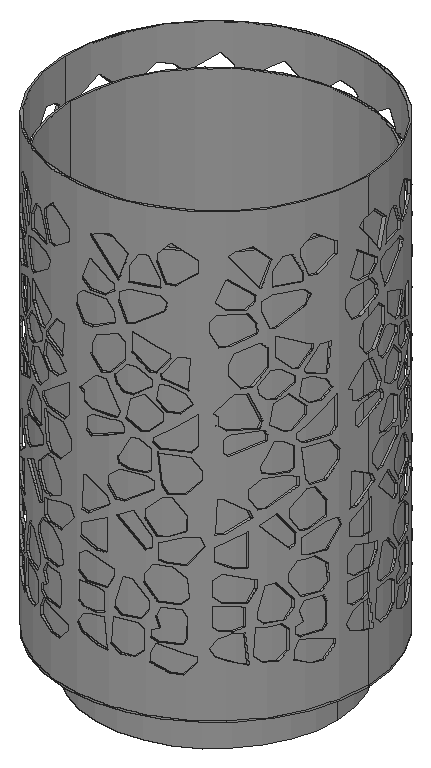
Revit family "Урна «Филигран» Арт 14824", category Антураж, Revit 2018 (continued)
Automatic sketch dimensions
  Extrusion 9 sketch curve to Extrusion 9 sketch curve = 9.318 mm
  Extrusion 9 sketch curve to plane 6 = 206.245 mm
  Extrusion 9 sketch curve to Extrusion 9 sketch curve = 3.834 mm
  level to Extrusion 9 sketch curve = 290.544 mm
  Extrusion 9 sketch curve to Extrusion 9 sketch curve = 4.991 mm
  level to Extrusion 9 sketch curve = 119.52 mm
  Extrusion 9 sketch curve to Extrusion 9 sketch curve = 3.033 mm
  Extrusion 9 sketch curve to Extrusion 9 sketch curve = 8.412 mm
  Extrusion 9 sketch curve to Extrusion 9 sketch curve = 11.911 mm
  Extrusion 9 sketch curve to Extrusion 9 sketch curve = 7.65 mm  (x2)
  Extrusion 9 sketch curve to Extrusion 9 sketch curve = 4.293 mm
  Extrusion 9 sketch curve to Extrusion 9 sketch curve = 11.709 mm
  Extrusion 9 sketch curve to Extrusion 9 sketch curve = 0.819 mm
  Extrusion 9 sketch curve to Extrusion 9 sketch curve = 2.609 mm
  level to Extrusion 9 sketch curve = 157.069 mm
  Extrusion 9 sketch curve to plane 6 = 207.982 mm
  Extrusion 9 sketch curve to Extrusion 9 sketch curve = 5.555 mm
  level to Extrusion 9 sketch curve = 189.187 mm
  Extrusion 9 sketch curve to Extrusion 9 sketch curve = 6.128 mm
  level to Extrusion 9 sketch curve = 121.879 mm
  Extrusion 9 sketch curve to Extrusion 9 sketch curve = 10.218 mm
  Extrusion 9 sketch curve to Extrusion 9 sketch curve = 10.487 mm
  Extrusion 9 sketch curve to plane 6 = 47.04 mm
  Extrusion 9 sketch curve to Extrusion 9 sketch curve = 14.489 mm
  Extrusion 9 sketch curve to Extrusion 9 sketch curve = 5.237 mm
  Extrusion 9 sketch curve to Extrusion 9 sketch curve = 9.063 mm
  Extrusion 9 sketch curve to plane 6 = 167.149 mm
  Extrusion 9 sketch curve to Extrusion 9 sketch curve = 22.47 mm
  Extrusion 9 sketch curve to Extrusion 9 sketch curve = 2.619 mm
  level to Extrusion 9 sketch curve = 156.034 mm
  Extrusion 9 sketch curve to plane 6 = 261.534 mm
  Extrusion 9 sketch curve to Extrusion 9 sketch curve = 23.668 mm
  Extrusion 9 sketch curve to plane 6 = 287.11 mm
  Extrusion 9 sketch curve to Extrusion 9 sketch curve = 1.426 mm
  Extrusion 9 sketch curve to plane 6 = 180.532 mm
  Extrusion 9 sketch curve to Extrusion 9 sketch curve = 4.574 mm
  Extrusion 9 sketch curve to Extrusion 9 sketch curve = 1.848 mm
  Extrusion 9 sketch curve to plane 6 = 52.801 mm
  Extrusion 9 sketch curve to Extrusion 9 sketch curve = 5.761 mm
  Extrusion 9 sketch curve to plane 6 = 78.801 mm
  Extrusion 9 sketch curve to Extrusion 9 sketch curve = 1.466 mm
  level to Extrusion 9 sketch curve = 272.528 mm
  Extrusion 9 sketch curve to Extrusion 9 sketch curve = 18.596 mm
  Extrusion 9 sketch curve to Extrusion 9 sketch curve = 4.575 mm  (x2)
  level to Extrusion 9 sketch curve = 191.538 mm
  Extrusion 9 sketch curve to Extrusion 9 sketch curve = 11.805 mm
  level to Extrusion 9 sketch curve = 227.467 mm
  Extrusion 9 sketch curve to Extrusion 9 sketch curve = 10.054 mm
  Extrusion 9 sketch curve to Extrusion 9 sketch curve = 20.79 mm
  Extrusion 9 sketch curve to Extrusion 9 sketch curve = 8.964 mm
  Extrusion 9 sketch curve to plane 6 = 158.654 mm
  Extrusion 9 sketch curve to Extrusion 9 sketch curve = 9.033 mm
  Extrusion 9 sketch curve to Extrusion 9 sketch curve = 7.689 mm
  level to Extrusion 9 sketch curve = 151.454 mm
  Extrusion 9 sketch curve to Extrusion 9 sketch curve = 0.858 mm
  Extrusion 9 sketch curve to Extrusion 9 sketch curve = 8.252 mm
  Extrusion 9 sketch curve to Extrusion 9 sketch curve = 3.917 mm
  level to Extrusion 9 sketch curve = 129.963 mm
  Extrusion 9 sketch curve to Extrusion 9 sketch curve = 16.557 mm
  level to Extrusion 9 sketch curve = 273.191 mm
  Extrusion 9 sketch curve to Extrusion 9 sketch curve = 7.576 mm
  Extrusion 9 sketch curve to plane 6 = 106.405 mm
  level to Extrusion 9 sketch curve = 240.883 mm
  Extrusion 9 sketch curve to Extrusion 9 sketch curve = 6.759 mm
  Extrusion 9 sketch curve to plane 6 = 236.112 mm
  Extrusion 9 sketch curve to Extrusion 9 sketch curve = 8.195 mm  (x2)
  level to Extrusion 9 sketch curve = 219.272 mm
  level to Extrusion 9 sketch curve = 139.026 mm
  Extrusion 9 sketch curve to Extrusion 9 sketch curve = 7.097 mm
  Extrusion 9 sketch curve to Extrusion 9 sketch curve = 34.828 mm
  Extrusion 9 sketch curve to Extrusion 9 sketch curve = 10.416 mm
  Extrusion 9 sketch curve to Extrusion 9 sketch curve = 7.062 mm
  Extrusion 9 sketch curve to Extrusion 9 sketch curve = 1.37 mm
  Extrusion 9 sketch curve to Extrusion 9 sketch curve = 7.169 mm
  Extrusion 9 sketch curve to Extrusion 9 sketch curve = 7.12 mm
  Extrusion 9 sketch curve to Extrusion 9 sketch curve = 0.554 mm
  Extrusion 9 sketch curve to Extrusion 9 sketch curve = 6.475 mm
  Extrusion 9 sketch curve to Extrusion 9 sketch curve = 5.338 mm
  Extrusion 9 sketch curve to Extrusion 9 sketch curve = 3.946 mm
  Extrusion 9 sketch curve to Extrusion 9 sketch curve = 6.938 mm
  Extrusion 9 sketch curve to Extrusion 9 sketch curve = 5.343 mm
  Extrusion 9 sketch curve to Extrusion 9 sketch curve = 5.238 mm
  Extrusion 9 sketch curve to Extrusion 9 sketch curve = 10.547 mm
  Extrusion 9 sketch curve to Extrusion 9 sketch curve = 15.668 mm
  Extrusion 9 sketch curve to Extrusion 9 sketch curve = 21.141 mm
  Extrusion 9 sketch curve to Extrusion 9 sketch curve = 6.408 mm
  Extrusion 9 sketch curve to Extrusion 9 sketch curve = 9.325 mm
  Extrusion 9 sketch curve to Extrusion 9 sketch curve = 5.207 mm
  Extrusion 9 sketch curve to Extrusion 9 sketch curve = 3.067 mm
  Extrusion 9 sketch curve to Extrusion 9 sketch curve = 6.028 mm
  Extrusion 9 sketch curve to Extrusion 9 sketch curve = 15.909 mm
  Extrusion 9 sketch curve to Extrusion 9 sketch curve = 1.8 mm
  Extrusion 9 sketch curve to Extrusion 9 sketch curve = 5.975 mm
  Extrusion 9 sketch curve to Extrusion 9 sketch curve = 5.996 mm
  Extrusion 9 sketch curve to Extrusion 9 sketch curve = 6.584 mm
  Extrusion 9 sketch curve to Extrusion 9 sketch curve = 9.912 mm
  Extrusion 9 sketch curve to Extrusion 9 sketch curve = 13.31 mm
  Extrusion 9 sketch curve to Extrusion 9 sketch curve = 1.87 mm
  Extrusion 9 sketch curve to Extrusion 9 sketch curve = 6.81 mm
  Extrusion 9 sketch curve to Extrusion 9 sketch curve = 10.378 mm
  Extrusion 9 sketch curve to Extrusion 9 sketch curve = 3.026 mm
  Extrusion 9 sketch curve to Extrusion 9 sketch curve = 12.277 mm
  Extrusion 9 sketch curve to Extrusion 9 sketch curve = 5.217 mm
  Extrusion 9 sketch curve to Extrusion 9 sketch curve = 8.258 mm
  Extrusion 9 sketch curve to Extrusion 9 sketch curve = 9.845 mm
  Extrusion 9 sketch curve to Extrusion 9 sketch curve = 6.924 mm
  Extrusion 9 sketch curve to Extrusion 9 sketch curve = 5 mm  (x2)
  Extrusion 9 sketch curve to Extrusion 9 sketch curve = 6.001 mm
  Extrusion 9 sketch curve to Extrusion 9 sketch curve = 2.452 mm
  Extrusion 9 sketch curve to Extrusion 9 sketch curve = 5.552 mm
  Extrusion 9 sketch curve to Extrusion 9 sketch curve = 9.748 mm
  Extrusion 9 sketch curve to Extrusion 9 sketch curve = 6.592 mm
  Extrusion 9 sketch curve to Extrusion 9 sketch curve = 4.054 mm
  Extrusion 9 sketch curve to Extrusion 9 sketch curve = 9.124 mm
  Extrusion 9 sketch curve to Extrusion 9 sketch curve = 12.1 mm
  Extrusion 9 sketch curve to Extrusion 9 sketch curve = 2.912 mm
  Extrusion 9 sketch curve to Extrusion 9 sketch curve = 4.05 mm
  Extrusion 9 sketch curve to Extrusion 9 sketch curve = 11.595 mm
  Extrusion 9 sketch curve to Extrusion 9 sketch curve = 8.083 mm
  Extrusion 9 sketch curve to Extrusion 9 sketch curve = 17.565 mm
  Extrusion 9 sketch curve to Extrusion 9 sketch curve = 9.249 mm
  Extrusion 9 sketch curve to Extrusion 9 sketch curve = 10.206 mm
  Extrusion 9 sketch curve to Extrusion 9 sketch curve = 4.461 mm
  Extrusion 9 sketch curve to Extrusion 9 sketch curve = 0.23 mm
  Extrusion 9 sketch curve to Extrusion 9 sketch curve = 7.475 mm
  Extrusion 9 sketch curve to Extrusion 9 sketch curve = 8.77 mm
  Extrusion 9 sketch curve to Extrusion 9 sketch curve = 5.016 mm
  Extrusion 9 sketch curve to Extrusion 9 sketch curve = 8.471 mm
  level to Extrusion 10 sketch curve = 258.66 mm
  Extrusion 10 sketch curve to Extrusion 10 sketch curve = 3.475 mm
  Extrusion 10 sketch curve to Extrusion 10 sketch curve = 5.917 mm
  Extrusion 10 sketch curve to plane 6 = 57.671 mm  (x2)
  Extrusion 10 sketch curve to Extrusion 10 sketch curve = 4.003 mm
  Extrusion 10 sketch curve to Extrusion 10 sketch curve = 4.036 mm
  Extrusion 10 sketch curve to Extrusion 10 sketch curve = 8.618 mm
  Extrusion 10 sketch curve to plane 6 = 226.764 mm
  Extrusion 10 sketch curve to Extrusion 10 sketch curve = 4.755 mm
  Extrusion 10 sketch curve to plane 6 = 282.423 mm
  Extrusion 10 sketch curve to Extrusion 10 sketch curve = 7.071 mm  (x3)
  Extrusion 10 sketch curve to Extrusion 10 sketch curve = 2.95 mm
  Extrusion 10 sketch curve to Extrusion 10 sketch curve = 1.479 mm
  level to Extrusion 10 sketch curve = 196.579 mm
  Extrusion 10 sketch curve to Extrusion 10 sketch curve = 16.901 mm
  Extrusion 10 sketch curve to plane 6 = 210.193 mm
  Extrusion 10 sketch curve to Extrusion 10 sketch curve = 5.63 mm
  level to Extrusion 10 sketch curve = 219.818 mm
  Extrusion 10 sketch curve to Extrusion 10 sketch curve = 2.033 mm
  Extrusion 10 sketch curve to Extrusion 10 sketch curve = 0.296 mm
  level to Extrusion 10 sketch curve = 269.335 mm
  Extrusion 10 sketch curve to Extrusion 10 sketch curve = 13.314 mm
  level to Extrusion 10 sketch curve = 293.443 mm
  Extrusion 10 sketch curve to Extrusion 10 sketch curve = 0 mm  (x4)
  level to Extrusion 10 sketch curve = 174.886 mm
  Extrusion 10 sketch curve to Extrusion 10 sketch curve = 2.347 mm
  Extrusion 10 sketch curve to plane 6 = 214.574 mm
  Extrusion 10 sketch curve to Extrusion 10 sketch curve = 3.111 mm
  Extrusion 10 sketch curve to Extrusion 10 sketch curve = 1.921 mm
  level to Extrusion 10 sketch curve = 142.717 mm
  Extrusion 10 sketch curve to Extrusion 10 sketch curve = 3.5 mm
  Extrusion 10 sketch curve to Extrusion 10 sketch curve = 14.142 mm  (x2)
  Extrusion 10 sketch curve to Extrusion 10 sketch curve = 4.226 mm  (x2)
  Extrusion 10 sketch curve to plane 6 = 237.624 mm
  Extrusion 10 sketch curve to Extrusion 10 sketch curve = 13.411 mm
  Extrusion 10 sketch curve to Extrusion 10 sketch curve = 2.555 mm
  Extrusion 10 sketch curve to plane 6 = 171.858 mm
  Extrusion 10 sketch curve to Extrusion 10 sketch curve = 13.402 mm
  Extrusion 10 sketch curve to plane 6 = 88.362 mm
  Extrusion 10 sketch curve to Extrusion 10 sketch curve = 23.515 mm
  Extrusion 10 sketch curve to Extrusion 10 sketch curve = 12.773 mm
  level to Extrusion 10 sketch curve = 232.674 mm
  Extrusion 10 sketch curve to Extrusion 10 sketch curve = 15.025 mm
  Extrusion 10 sketch curve to plane 6 = 39.436 mm
  Extrusion 10 sketch curve to Extrusion 10 sketch curve = 28.08 mm
  Extrusion 10 sketch curve to plane 6 = 174.528 mm
  Extrusion 10 sketch curve to Extrusion 10 sketch curve = 7.66 mm
  Extrusion 10 sketch curve to Extrusion 10 sketch curve = 14.168 mm
  Extrusion 10 sketch curve to plane 6 = 206.419 mm
  Extrusion 10 sketch curve to Extrusion 10 sketch curve = 16.342 mm
  Extrusion 10 sketch curve to plane 6 = 109.299 mm
  Extrusion 10 sketch curve to Extrusion 10 sketch curve = 7.958 mm
  level to Extrusion 10 sketch curve = 266.542 mm
  Extrusion 10 sketch curve to Extrusion 10 sketch curve = 19.741 mm
  level to Extrusion 10 sketch curve = 317.862 mm
  Extrusion 10 sketch curve to Extrusion 10 sketch curve = 5.393 mm
  Extrusion 10 sketch curve to Extrusion 10 sketch curve = 14.055 mm
  level to Extrusion 10 sketch curve = 138.167 mm
  Extrusion 10 sketch curve to Extrusion 10 sketch curve = 17.512 mm
  Extrusion 10 sketch curve to Extrusion 10 sketch curve = 10 mm  (x6)
  Extrusion 10 sketch curve to Extrusion 10 sketch curve = 7.253 mm
  Extrusion 10 sketch curve to plane 6 = 120.866 mm  (x2)
  Extrusion 10 sketch curve to Extrusion 10 sketch curve = 3.536 mm  (x3)
  Extrusion 10 sketch curve to plane 6 = 239.831 mm
  Extrusion 10 sketch curve to Extrusion 10 sketch curve = 3.3 mm
  level to Extrusion 10 sketch curve = 313.668 mm
  Extrusion 10 sketch curve to Extrusion 10 sketch curve = 4.607 mm
  Extrusion 10 sketch curve to plane 6 = 324.159 mm
  Extrusion 10 sketch curve to Extrusion 10 sketch curve = 5.991 mm
  Extrusion 10 sketch curve to plane 6 = 200.187 mm
  Extrusion 10 sketch curve to Extrusion 10 sketch curve = 8.037 mm
  Extrusion 10 sketch curve to plane 6 = 83.398 mm
  Extrusion 10 sketch curve to Extrusion 10 sketch curve = 5.089 mm
  Extrusion 10 sketch curve to plane 6 = 102.168 mm
  level to Extrusion 10 sketch curve = 183.949 mm
  Extrusion 10 sketch curve to Extrusion 10 sketch curve = 20.212 mm
  Extrusion 10 sketch curve to plane 6 = 195.263 mm
  Extrusion 10 sketch curve to Extrusion 10 sketch curve = 0.868 mm
  Extrusion 10 sketch curve to Extrusion 10 sketch curve = 30.879 mm
  level to Extrusion 10 sketch curve = 159.317 mm  (x2)
  Extrusion 10 sketch curve to Extrusion 10 sketch curve = 6.83 mm
  Extrusion 10 sketch curve to Extrusion 10 sketch curve = 3.31 mm
  Extrusion 10 sketch curve to Extrusion 10 sketch curve = 2.209 mm
  Extrusion 10 sketch curve to Extrusion 10 sketch curve = 8.917 mm
  Extrusion 10 sketch curve to Extrusion 10 sketch curve = 3.401 mm
  level to Extrusion 10 sketch curve = 258.265 mm
  Extrusion 10 sketch curve to Extrusion 10 sketch curve = 10.671 mm
  Extrusion 10 sketch curve to Extrusion 10 sketch curve = 0.568 mm
  Extrusion 10 sketch curve to Extrusion 10 sketch curve = 4.256 mm
  Extrusion 10 sketch curve to Extrusion 10 sketch curve = 4.125 mm
  level to Extrusion 10 sketch curve = 140.693 mm
  Extrusion 10 sketch curve to Extrusion 10 sketch curve = 2.024 mm
  Extrusion 10 sketch curve to plane 6 = 225.97 mm
  Extrusion 10 sketch curve to Extrusion 10 sketch curve = 8.354 mm
  level to Extrusion 10 sketch curve = 173.096 mm
  Extrusion 10 sketch curve to Extrusion 10 sketch curve = 5.299 mm
  Extrusion 10 sketch curve to plane 6 = 320.969 mm
  Extrusion 10 sketch curve to Extrusion 10 sketch curve = 6.534 mm
  Extrusion 10 sketch curve to Extrusion 10 sketch curve = 4.612 mm
  Extrusion 10 sketch curve to plane 6 = 210.276 mm
  Extrusion 10 sketch curve to Extrusion 10 sketch curve = 5.606 mm
  Extrusion 10 sketch curve to Extrusion 10 sketch curve = 7.361 mm
  level to Extrusion 10 sketch curve = 252.15 mm
  Extrusion 10 sketch curve to Extrusion 10 sketch curve = 4.705 mm
  Extrusion 10 sketch curve to plane 6 = 283.32 mm
  Extrusion 10 sketch curve to Extrusion 10 sketch curve = 6.429 mm
  Extrusion 10 sketch curve to Extrusion 10 sketch curve = 8.905 mm
  level to Extrusion 10 sketch curve = 177.916 mm
  Extrusion 10 sketch curve to Extrusion 10 sketch curve = 5.74 mm
  level to Extrusion 10 sketch curve = 117.825 mm
  Extrusion 10 sketch curve to Extrusion 10 sketch curve = 20.352 mm
  Extrusion 10 sketch curve to Extrusion 10 sketch curve = 7.109 mm
  Extrusion 10 sketch curve to plane 6 = 264.693 mm  (x2)
  Extrusion 10 sketch curve to Extrusion 10 sketch curve = 3.592 mm  (x2)
  Extrusion 10 sketch curve to Extrusion 10 sketch curve = 8.132 mm
  Extrusion 10 sketch curve to plane 6 = 312.568 mm
  Extrusion 10 sketch curve to Extrusion 10 sketch curve = 5.459 mm
  level to Extrusion 10 sketch curve = 248.381 mm
  Extrusion 10 sketch curve to Extrusion 10 sketch curve = 6.799 mm  (x2)
  Extrusion 10 sketch curve to plane 6 = 220.729 mm
  Extrusion 10 sketch curve to Extrusion 10 sketch curve = 10.749 mm
  Extrusion 10 sketch curve to Extrusion 10 sketch curve = 5.002 mm
  Extrusion 10 sketch curve to Extrusion 10 sketch curve = 8.04 mm
  Extrusion 10 sketch curve to plane 6 = 315.46 mm
  Extrusion 10 sketch curve to Extrusion 10 sketch curve = 2.091 mm
  Extrusion 10 sketch curve to Extrusion 10 sketch curve = 9.117 mm
  Extrusion 10 sketch curve to Extrusion 10 sketch curve = 3.602 mm
  Extrusion 10 sketch curve to Extrusion 10 sketch curve = 8.566 mm
  Extrusion 10 sketch curve to Extrusion 10 sketch curve = 1.279 mm
  level to Extrusion 10 sketch curve = 161.682 mm
  Extrusion 10 sketch curve to Extrusion 10 sketch curve = 3.47 mm
  Extrusion 10 sketch curve to Extrusion 10 sketch curve = 12.786 mm
  level to Extrusion 10 sketch curve = 119.884 mm
  Extrusion 10 sketch curve to Extrusion 10 sketch curve = 9.727 mm
  Extrusion 10 sketch curve to plane 6 = 141.601 mm
  Extrusion 10 sketch curve to Extrusion 10 sketch curve = 31.076 mm
  Extrusion 10 sketch curve to plane 6 = 224.181 mm
  Extrusion 10 sketch curve to Extrusion 10 sketch curve = 11.559 mm
  level to Extrusion 10 sketch curve = 291.877 mm
  Extrusion 10 sketch curve to Extrusion 10 sketch curve = 11.676 mm
  Extrusion 10 sketch curve to Extrusion 10 sketch curve = 11.409 mm
  Extrusion 10 sketch curve to Extrusion 10 sketch curve = 2.481 mm
  Extrusion 10 sketch curve to Extrusion 10 sketch curve = 8.663 mm
  Extrusion 10 sketch curve to plane 6 = 229.884 mm
  Extrusion 10 sketch curve to Extrusion 10 sketch curve = 4.297 mm
  Extrusion 10 sketch curve to Extrusion 10 sketch curve = 15.112 mm
  Extrusion 10 sketch curve to Extrusion 10 sketch curve = 32.388 mm
  Extrusion 10 sketch curve to plane 6 = 74.992 mm
  Extrusion 10 sketch curve to plane 6 = 60.835 mm
  Extrusion 10 sketch curve to Extrusion 10 sketch curve = 10.174 mm
  Extrusion 10 sketch curve to Extrusion 10 sketch curve = 6.951 mm
  Extrusion 10 sketch curve to plane 6 = 253.55 mm
  Extrusion 10 sketch curve to Extrusion 10 sketch curve = 14.787 mm
  Extrusion 10 sketch curve to Extrusion 10 sketch curve = 1.016 mm
  Extrusion 10 sketch curve to Extrusion 10 sketch curve = 1.533 mm
  level to Extrusion 10 sketch curve = 299.941 mm  (x2)
  Extrusion 10 sketch curve to Extrusion 10 sketch curve = 8.716 mm
  Extrusion 10 sketch curve to Extrusion 10 sketch curve = 5.703 mm
  Extrusion 10 sketch curve to Extrusion 10 sketch curve = 10.281 mm
  Extrusion 10 sketch curve to Extrusion 10 sketch curve = 16.53 mm
  Extrusion 10 sketch curve to Extrusion 10 sketch curve = 3.13 mm
  Extrusion 10 sketch curve to plane 6 = 248.305 mm
  Extrusion 10 sketch curve to Extrusion 10 sketch curve = 5.753 mm
  Extrusion 10 sketch curve to Extrusion 10 sketch curve = 15 mm  (x3)
  Extrusion 10 sketch curve to Extrusion 10 sketch curve = 9.888 mm
  Extrusion 10 sketch curve to plane 6 = 308.711 mm
  Extrusion 10 sketch curve to Extrusion 10 sketch curve = 0.709 mm
  Extrusion 10 sketch curve to plane 6 = 94.306 mm
  Extrusion 10 sketch curve to Extrusion 10 sketch curve = 10.408 mm
  Extrusion 10 sketch curve to plane 6 = 108.218 mm
  Extrusion 10 sketch curve to Extrusion 10 sketch curve = 10.479 mm
  Extrusion 10 sketch curve to plane 6 = 156.19 mm
  Extrusion 10 sketch curve to Extrusion 10 sketch curve = 8.092 mm  (x2)
  Extrusion 10 sketch curve to plane 6 = 301.55 mm
  Extrusion 10 sketch curve to Extrusion 10 sketch curve = 0.753 mm
  Extrusion 10 sketch curve to Extrusion 10 sketch curve = 4.108 mm
  Extrusion 10 sketch curve to plane 6 = 217.11 mm
  level to Extrusion 10 sketch curve = 280.985 mm
  Extrusion 10 sketch curve to Extrusion 10 sketch curve = 16.773 mm
  Extrusion 10 sketch curve to plane 6 = 259.047 mm
  Extrusion 10 sketch curve to Extrusion 10 sketch curve = 0.892 mm
  Extrusion 10 sketch curve to plane 6 = 145.27 mm
  Extrusion 10 sketch curve to Extrusion 10 sketch curve = 1.907 mm
  Extrusion 10 sketch curve to Extrusion 10 sketch curve = 8.614 mm
  Extrusion 10 sketch curve to plane 6 = 133.343 mm
  Extrusion 10 sketch curve to Extrusion 10 sketch curve = 1.043 mm
  Extrusion 10 sketch curve to Extrusion 10 sketch curve = 7.325 mm
  Extrusion 10 sketch curve to Extrusion 10 sketch curve = 6.503 mm  (x2)
  Extrusion 10 sketch curve to plane 6 = 207.262 mm
  Extrusion 10 sketch curve to Extrusion 10 sketch curve = 1.736 mm
  Extrusion 10 sketch curve to Extrusion 10 sketch curve = 4.183 mm
  Extrusion 10 sketch curve to Extrusion 10 sketch curve = 8.47 mm
  Extrusion 10 sketch curve to plane 6 = 43.158 mm
  Extrusion 10 sketch curve to Extrusion 10 sketch curve = 17.678 mm  (x2)
  level to Extrusion 10 sketch curve = 129.202 mm
  Extrusion 10 sketch curve to Extrusion 10 sketch curve = 9.318 mm
  Extrusion 10 sketch curve to plane 6 = 206.245 mm
  Extrusion 10 sketch curve to Extrusion 10 sketch curve = 3.834 mm
  level to Extrusion 10 sketch curve = 290.544 mm
  Extrusion 10 sketch curve to Extrusion 10 sketch curve = 4.991 mm
  level to Extrusion 10 sketch curve = 119.52 mm
  Extrusion 10 sketch curve to Extrusion 10 sketch curve = 3.033 mm
  Extrusion 10 sketch curve to Extrusion 10 sketch curve = 8.412 mm
  Extrusion 10 sketch curve to Extrusion 10 sketch curve = 11.911 mm
  Extrusion 10 sketch curve to Extrusion 10 sketch curve = 7.65 mm  (x2)
  Extrusion 10 sketch curve to Extrusion 10 sketch curve = 4.293 mm
  Extrusion 10 sketch curve to Extrusion 10 sketch curve = 11.709 mm
  Extrusion 10 sketch curve to Extrusion 10 sketch curve = 0.819 mm
  Extrusion 10 sketch curve to Extrusion 10 sketch curve = 2.609 mm
  level to Extrusion 10 sketch curve = 157.069 mm
  Extrusion 10 sketch curve to plane 6 = 207.982 mm
  Extrusion 10 sketch curve to Extrusion 10 sketch curve = 5.555 mm
  level to Extrusion 10 sketch curve = 189.187 mm
  Extrusion 10 sketch curve to Extrusion 10 sketch curve = 6.128 mm
  level to Extrusion 10 sketch curve = 121.879 mm
  Extrusion 10 sketch curve to Extrusion 10 sketch curve = 10.218 mm
  Extrusion 10 sketch curve to Extrusion 10 sketch curve = 10.487 mm
  Extrusion 10 sketch curve to plane 6 = 47.04 mm
  Extrusion 10 sketch curve to Extrusion 10 sketch curve = 14.489 mm
  Extrusion 10 sketch curve to Extrusion 10 sketch curve = 5.237 mm
  Extrusion 10 sketch curve to Extrusion 10 sketch curve = 9.063 mm
  Extrusion 10 sketch curve to plane 6 = 167.149 mm
  Extrusion 10 sketch curve to Extrusion 10 sketch curve = 22.47 mm
  Extrusion 10 sketch curve to Extrusion 10 sketch curve = 2.619 mm
  level to Extrusion 10 sketch curve = 156.034 mm
  Extrusion 10 sketch curve to plane 6 = 261.534 mm
  Extrusion 10 sketch curve to Extrusion 10 sketch curve = 23.668 mm
  Extrusion 10 sketch curve to plane 6 = 287.11 mm
  Extrusion 10 sketch curve to Extrusion 10 sketch curve = 1.426 mm
  Extrusion 10 sketch curve to plane 6 = 180.532 mm
  Extrusion 10 sketch curve to Extrusion 10 sketch curve = 4.574 mm
  Extrusion 10 sketch curve to Extrusion 10 sketch curve = 1.848 mm
  Extrusion 10 sketch curve to plane 6 = 52.801 mm
  Extrusion 10 sketch curve to Extrusion 10 sketch curve = 5.761 mm
  Extrusion 10 sketch curve to plane 6 = 78.801 mm
  Extrusion 10 sketch curve to Extrusion 10 sketch curve = 1.466 mm
  level to Extrusion 10 sketch curve = 272.528 mm
  Extrusion 10 sketch curve to Extrusion 10 sketch curve = 18.596 mm
  Extrusion 10 sketch curve to Extrusion 10 sketch curve = 4.575 mm  (x2)
  level to Extrusion 10 sketch curve = 191.538 mm
  Extrusion 10 sketch curve to Extrusion 10 sketch curve = 11.805 mm
  level to Extrusion 10 sketch curve = 227.467 mm
  Extrusion 10 sketch curve to Extrusion 10 sketch curve = 10.054 mm
  Extrusion 10 sketch curve to Extrusion 10 sketch curve = 20.79 mm
  Extrusion 10 sketch curve to Extrusion 10 sketch curve = 8.964 mm
  Extrusion 10 sketch curve to plane 6 = 158.654 mm
  Extrusion 10 sketch curve to Extrusion 10 sketch curve = 9.033 mm
  Extrusion 10 sketch curve to Extrusion 10 sketch curve = 7.689 mm
  level to Extrusion 10 sketch curve = 151.454 mm
  Extrusion 10 sketch curve to Extrusion 10 sketch curve = 0.858 mm
  Extrusion 10 sketch curve to Extrusion 10 sketch curve = 8.252 mm
  Extrusion 10 sketch curve to Extrusion 10 sketch curve = 3.917 mm
  level to Extrusion 10 sketch curve = 129.963 mm
  Extrusion 10 sketch curve to Extrusion 10 sketch curve = 16.557 mm
  level to Extrusion 10 sketch curve = 273.191 mm
  Extrusion 10 sketch curve to Extrusion 10 sketch curve = 7.576 mm
  Extrusion 10 sketch curve to plane 6 = 106.405 mm
  level to Extrusion 10 sketch curve = 240.883 mm
  Extrusion 10 sketch curve to Extrusion 10 sketch curve = 6.759 mm
  Extrusion 10 sketch curve to plane 6 = 236.112 mm
  Extrusion 10 sketch curve to Extrusion 10 sketch curve = 8.195 mm  (x2)
  level to Extrusion 10 sketch curve = 219.272 mm
  level to Extrusion 10 sketch curve = 139.026 mm
  Extrusion 10 sketch curve to Extrusion 10 sketch curve = 7.097 mm
  Extrusion 10 sketch curve to Extrusion 10 sketch curve = 34.828 mm
  Extrusion 10 sketch curve to Extrusion 10 sketch curve = 10.416 mm
  Extrusion 10 sketch curve to Extrusion 10 sketch curve = 7.062 mm
  Extrusion 10 sketch curve to Extrusion 10 sketch curve = 1.37 mm
  Extrusion 10 sketch curve to Extrusion 10 sketch curve = 7.169 mm
  Extrusion 10 sketch curve to Extrusion 10 sketch curve = 7.12 mm
  Extrusion 10 sketch curve to Extrusion 10 sketch curve = 0.554 mm
  Extrusion 10 sketch curve to Extrusion 10 sketch curve = 6.475 mm
  Extrusion 10 sketch curve to Extrusion 10 sketch curve = 5.338 mm
  Extrusion 10 sketch curve to Extrusion 10 sketch curve = 3.946 mm
  Extrusion 10 sketch curve to Extrusion 10 sketch curve = 6.938 mm
  Extrusion 10 sketch curve to Extrusion 10 sketch curve = 5.343 mm
  Extrusion 10 sketch curve to Extrusion 10 sketch curve = 5.238 mm
  Extrusion 10 sketch curve to Extrusion 10 sketch curve = 10.547 mm
  Extrusion 10 sketch curve to Extrusion 10 sketch curve = 15.668 mm
  Extrusion 10 sketch curve to Extrusion 10 sketch curve = 21.141 mm
  Extrusion 10 sketch curve to Extrusion 10 sketch curve = 6.408 mm
  Extrusion 10 sketch curve to Extrusion 10 sketch curve = 9.325 mm
  Extrusion 10 sketch curve to Extrusion 10 sketch curve = 5.207 mm
  Extrusion 10 sketch curve to Extrusion 10 sketch curve = 3.067 mm
  Extrusion 10 sketch curve to Extrusion 10 sketch curve = 6.028 mm
  Extrusion 10 sketch curve to Extrusion 10 sketch curve = 15.909 mm
  Extrusion 10 sketch curve to Extrusion 10 sketch curve = 1.8 mm
  Extrusion 10 sketch curve to Extrusion 10 sketch curve = 5.975 mm
  Extrusion 10 sketch curve to Extrusion 10 sketch curve = 5.996 mm
  Extrusion 10 sketch curve to Extrusion 10 sketch curve = 6.584 mm
  Extrusion 10 sketch curve to Extrusion 10 sketch curve = 9.912 mm
  Extrusion 10 sketch curve to Extrusion 10 sketch curve = 13.31 mm
  Extrusion 10 sketch curve to Extrusion 10 sketch curve = 1.87 mm
  Extrusion 10 sketch curve to Extrusion 10 sketch curve = 6.81 mm
  Extrusion 10 sketch curve to Extrusion 10 sketch curve = 10.378 mm
  Extrusion 10 sketch curve to Extrusion 10 sketch curve = 3.026 mm
  Extrusion 10 sketch curve to Extrusion 10 sketch curve = 12.277 mm
  Extrusion 10 sketch curve to Extrusion 10 sketch curve = 5.217 mm
  Extrusion 10 sketch curve to Extrusion 10 sketch curve = 8.258 mm
  Extrusion 10 sketch curve to Extrusion 10 sketch curve = 9.845 mm
  Extrusion 10 sketch curve to Extrusion 10 sketch curve = 6.924 mm
  Extrusion 10 sketch curve to Extrusion 10 sketch curve = 5 mm  (x2)
  Extrusion 10 sketch curve to Extrusion 10 sketch curve = 6.001 mm
  Extrusion 10 sketch curve to Extrusion 10 sketch curve = 2.452 mm
  Extrusion 10 sketch curve to Extrusion 10 sketch curve = 5.552 mm
  Extrusion 10 sketch curve to Extrusion 10 sketch curve = 9.748 mm
  Extrusion 10 sketch curve to Extrusion 10 sketch curve = 6.592 mm
  Extrusion 10 sketch curve to Extrusion 10 sketch curve = 4.054 mm
  Extrusion 10 sketch curve to Extrusion 10 sketch curve = 9.124 mm
  Extrusion 10 sketch curve to Extrusion 10 sketch curve = 12.1 mm
  Extrusion 10 sketch curve to Extrusion 10 sketch curve = 2.912 mm
  Extrusion 10 sketch curve to Extrusion 10 sketch curve = 4.05 mm
  Extrusion 10 sketch curve to Extrusion 10 sketch curve = 11.595 mm
  Extrusion 10 sketch curve to Extrusion 10 sketch curve = 8.083 mm
  Extrusion 10 sketch curve to Extrusion 10 sketch curve = 17.565 mm
  Extrusion 10 sketch curve to Extrusion 10 sketch curve = 9.249 mm
  Extrusion 10 sketch curve to Extrusion 10 sketch curve = 10.206 mm
  Extrusion 10 sketch curve to Extrusion 10 sketch curve = 4.461 mm
  Extrusion 10 sketch curve to Extrusion 10 sketch curve = 0.23 mm
  Extrusion 10 sketch curve to Extrusion 10 sketch curve = 7.475 mm
  Extrusion 10 sketch curve to Extrusion 10 sketch curve = 8.77 mm
  Extrusion 10 sketch curve to Extrusion 10 sketch curve = 5.016 mm
  Extrusion 10 sketch curve to Extrusion 10 sketch curve = 8.471 mm
  level to Extrusion 11 sketch curve = 258.66 mm
  Extrusion 11 sketch curve to Extrusion 11 sketch curve = 3.475 mm
  Extrusion 11 sketch curve to Extrusion 11 sketch curve = 5.917 mm
  Extrusion 11 sketch curve to plane 6 = 57.671 mm  (x2)
  Extrusion 11 sketch curve to Extrusion 11 sketch curve = 4.003 mm
  Extrusion 11 sketch curve to Extrusion 11 sketch curve = 4.036 mm
  Extrusion 11 sketch curve to Extrusion 11 sketch curve = 8.618 mm
  Extrusion 11 sketch curve to plane 6 = 226.764 mm
  Extrusion 11 sketch curve to Extrusion 11 sketch curve = 4.755 mm
  Extrusion 11 sketch curve to plane 6 = 282.423 mm
  Extrusion 11 sketch curve to Extrusion 11 sketch curve = 7.071 mm  (x3)
  Extrusion 11 sketch curve to Extrusion 11 sketch curve = 2.95 mm
  Extrusion 11 sketch curve to Extrusion 11 sketch curve = 1.479 mm
  level to Extrusion 11 sketch curve = 196.579 mm
  Extrusion 11 sketch curve to Extrusion 11 sketch curve = 16.901 mm
  Extrusion 11 sketch curve to plane 6 = 210.193 mm
  Extrusion 11 sketch curve to Extrusion 11 sketch curve = 5.63 mm
  level to Extrusion 11 sketch curve = 219.818 mm
  Extrusion 11 sketch curve to Extrusion 11 sketch curve = 2.033 mm
  Extrusion 11 sketch curve to Extrusion 11 sketch curve = 0.296 mm
  level to Extrusion 11 sketch curve = 269.335 mm
  Extrusion 11 sketch curve to Extrusion 11 sketch curve = 13.314 mm
  level to Extrusion 11 sketch curve = 293.443 mm
  Extrusion 11 sketch curve to Extrusion 11 sketch curve = 0 mm  (x4)
  level to Extrusion 11 sketch curve = 174.886 mm
  Extrusion 11 sketch curve to Extrusion 11 sketch curve = 2.347 mm
  Extrusion 11 sketch curve to plane 6 = 214.574 mm
  Extrusion 11 sketch curve to Extrusion 11 sketch curve = 3.111 mm
  Extrusion 11 sketch curve to Extrusion 11 sketch curve = 1.921 mm
  level to Extrusion 11 sketch curve = 142.717 mm
  Extrusion 11 sketch curve to Extrusion 11 sketch curve = 3.5 mm
  Extrusion 11 sketch curve to Extrusion 11 sketch curve = 14.142 mm  (x2)
  Extrusion 11 sketch curve to Extrusion 11 sketch curve = 4.226 mm  (x2)
  Extrusion 11 sketch curve to plane 6 = 237.624 mm
  Extrusion 11 sketch curve to Extrusion 11 sketch curve = 13.411 mm
  Extrusion 11 sketch curve to Extrusion 11 sketch curve = 2.555 mm
  Extrusion 11 sketch curve to plane 6 = 171.858 mm
  Extrusion 11 sketch curve to Extrusion 11 sketch curve = 13.402 mm
  Extrusion 11 sketch curve to plane 6 = 88.362 mm
  Extrusion 11 sketch curve to Extrusion 11 sketch curve = 23.515 mm
  Extrusion 11 sketch curve to Extrusion 11 sketch curve = 12.773 mm
  level to Extrusion 11 sketch curve = 232.674 mm
  Extrusion 11 sketch curve to Extrusion 11 sketch curve = 15.025 mm
  Extrusion 11 sketch curve to plane 6 = 39.436 mm
  Extrusion 11 sketch curve to Extrusion 11 sketch curve = 28.08 mm
  Extrusion 11 sketch curve to plane 6 = 174.528 mm
  Extrusion 11 sketch curve to Extrusion 11 sketch curve = 7.66 mm
  Extrusion 11 sketch curve to Extrusion 11 sketch curve = 14.168 mm
  Extrusion 11 sketch curve to plane 6 = 206.419 mm
  Extrusion 11 sketch curve to Extrusion 11 sketch curve = 16.342 mm
  Extrusion 11 sketch curve to plane 6 = 109.299 mm
  Extrusion 11 sketch curve to Extrusion 11 sketch curve = 7.958 mm
  level to Extrusion 11 sketch curve = 266.542 mm
  Extrusion 11 sketch curve to Extrusion 11 sketch curve = 19.741 mm
  level to Extrusion 11 sketch curve = 317.862 mm
  Extrusion 11 sketch curve to Extrusion 11 sketch curve = 5.393 mm
  Extrusion 11 sketch curve to Extrusion 11 sketch curve = 14.055 mm
  level to Extrusion 11 sketch curve = 138.167 mm
  Extrusion 11 sketch curve to Extrusion 11 sketch curve = 17.512 mm
  Extrusion 11 sketch curve to Extrusion 11 sketch curve = 10 mm  (x6)
  Extrusion 11 sketch curve to Extrusion 11 sketch curve = 7.253 mm
  Extrusion 11 sketch curve to plane 6 = 120.866 mm  (x2)
  Extrusion 11 sketch curve to Extrusion 11 sketch curve = 3.536 mm  (x3)
  Extrusion 11 sketch curve to plane 6 = 239.831 mm
  Extrusion 11 sketch curve to Extrusion 11 sketch curve = 3.3 mm
  level to Extrusion 11 sketch curve = 313.668 mm
  Extrusion 11 sketch curve to Extrusion 11 sketch curve = 4.607 mm
  Extrusion 11 sketch curve to plane 6 = 324.159 mm
  Extrusion 11 sketch curve to Extrusion 11 sketch curve = 5.991 mm
  Extrusion 11 sketch curve to plane 6 = 200.187 mm
  Extrusion 11 sketch curve to Extrusion 11 sketch curve = 8.037 mm
  Extrusion 11 sketch curve to plane 6 = 83.398 mm
  Extrusion 11 sketch curve to Extrusion 11 sketch curve = 5.089 mm
  Extrusion 11 sketch curve to plane 6 = 102.168 mm
  level to Extrusion 11 sketch curve = 183.949 mm
  Extrusion 11 sketch curve to Extrusion 11 sketch curve = 20.212 mm
  Extrusion 11 sketch curve to plane 6 = 195.263 mm
  Extrusion 11 sketch curve to Extrusion 11 sketch curve = 0.868 mm
  Extrusion 11 sketch curve to Extrusion 11 sketch curve = 30.879 mm
  level to Extrusion 11 sketch curve = 159.317 mm  (x2)
  Extrusion 11 sketch curve to Extrusion 11 sketch curve = 6.83 mm
  Extrusion 11 sketch curve to Extrusion 11 sketch curve = 3.31 mm
  Extrusion 11 sketch curve to Extrusion 11 sketch curve = 2.209 mm
  Extrusion 11 sketch curve to Extrusion 11 sketch curve = 8.917 mm
  Extrusion 11 sketch curve to Extrusion 11 sketch curve = 3.401 mm
  level to Extrusion 11 sketch curve = 258.265 mm
  Extrusion 11 sketch curve to Extrusion 11 sketch curve = 10.671 mm
  Extrusion 11 sketch curve to Extrusion 11 sketch curve = 0.568 mm
  Extrusion 11 sketch curve to Extrusion 11 sketch curve = 4.256 mm
  Extrusion 11 sketch curve to Extrusion 11 sketch curve = 4.125 mm
  level to Extrusion 11 sketch curve = 140.693 mm
  Extrusion 11 sketch curve to Extrusion 11 sketch curve = 2.024 mm
  Extrusion 11 sketch curve to plane 6 = 225.97 mm
  Extrusion 11 sketch curve to Extrusion 11 sketch curve = 8.354 mm
  level to Extrusion 11 sketch curve = 173.096 mm
  Extrusion 11 sketch curve to Extrusion 11 sketch curve = 5.299 mm
  Extrusion 11 sketch curve to plane 6 = 320.969 mm
  Extrusion 11 sketch curve to Extrusion 11 sketch curve = 6.534 mm
  Extrusion 11 sketch curve to Extrusion 11 sketch curve = 4.612 mm
  Extrusion 11 sketch curve to plane 6 = 210.276 mm
  Extrusion 11 sketch curve to Extrusion 11 sketch curve = 5.606 mm
  Extrusion 11 sketch curve to Extrusion 11 sketch curve = 7.361 mm
  level to Extrusion 11 sketch curve = 252.15 mm
  Extrusion 11 sketch curve to Extrusion 11 sketch curve = 4.705 mm
  Extrusion 11 sketch curve to plane 6 = 283.32 mm
  Extrusion 11 sketch curve to Extrusion 11 sketch curve = 6.429 mm
  Extrusion 11 sketch curve to Extrusion 11 sketch curve = 8.905 mm
  level to Extrusion 11 sketch curve = 177.916 mm
  Extrusion 11 sketch curve to Extrusion 11 sketch curve = 5.74 mm
  level to Extrusion 11 sketch curve = 117.825 mm
  Extrusion 11 sketch curve to Extrusion 11 sketch curve = 20.352 mm
  Extrusion 11 sketch curve to Extrusion 11 sketch curve = 7.109 mm
  Extrusion 11 sketch curve to plane 6 = 264.693 mm  (x2)
  Extrusion 11 sketch curve to Extrusion 11 sketch curve = 3.592 mm  (x2)
  Extrusion 11 sketch curve to Extrusion 11 sketch curve = 8.132 mm
  Extrusion 11 sketch curve to plane 6 = 312.568 mm
  Extrusion 11 sketch curve to Extrusion 11 sketch curve = 5.459 mm
  level to Extrusion 11 sketch curve = 248.381 mm
  Extrusion 11 sketch curve to Extrusion 11 sketch curve = 6.799 mm  (x2)
  Extrusion 11 sketch curve to plane 6 = 220.729 mm
  Extrusion 11 sketch curve to Extrusion 11 sketch curve = 10.749 mm
  Extrusion 11 sketch curve to Extrusion 11 sketch curve = 5.002 mm
  Extrusion 11 sketch curve to Extrusion 11 sketch curve = 8.04 mm
  Extrusion 11 sketch curve to plane 6 = 315.46 mm
  Extrusion 11 sketch curve to Extrusion 11 sketch curve = 2.091 mm
  Extrusion 11 sketch curve to Extrusion 11 sketch curve = 9.117 mm
  Extrusion 11 sketch curve to Extrusion 11 sketch curve = 3.602 mm
  Extrusion 11 sketch curve to Extrusion 11 sketch curve = 8.566 mm
  Extrusion 11 sketch curve to Extrusion 11 sketch curve = 1.279 mm
  level to Extrusion 11 sketch curve = 161.682 mm
  Extrusion 11 sketch curve to Extrusion 11 sketch curve = 3.47 mm
  Extrusion 11 sketch curve to Extrusion 11 sketch curve = 12.786 mm
  level to Extrusion 11 sketch curve = 119.884 mm
  Extrusion 11 sketch curve to Extrusion 11 sketch curve = 9.727 mm
  Extrusion 11 sketch curve to plane 6 = 141.601 mm
  Extrusion 11 sketch curve to Extrusion 11 sketch curve = 31.076 mm
  Extrusion 11 sketch curve to plane 6 = 224.181 mm
  Extrusion 11 sketch curve to Extrusion 11 sketch curve = 11.559 mm
  level to Extrusion 11 sketch curve = 291.877 mm
  Extrusion 11 sketch curve to Extrusion 11 sketch curve = 11.676 mm
  Extrusion 11 sketch curve to Extrusion 11 sketch curve = 11.409 mm
  Extrusion 11 sketch curve to Extrusion 11 sketch curve = 2.481 mm
  Extrusion 11 sketch curve to Extrusion 11 sketch curve = 8.663 mm
  Extrusion 11 sketch curve to plane 6 = 229.884 mm
  Extrusion 11 sketch curve to Extrusion 11 sketch curve = 4.297 mm
  Extrusion 11 sketch curve to Extrusion 11 sketch curve = 15.112 mm
  Extrusion 11 sketch curve to Extrusion 11 sketch curve = 32.388 mm
  Extrusion 11 sketch curve to plane 6 = 74.992 mm
  Extrusion 11 sketch curve to plane 6 = 60.835 mm
  Extrusion 11 sketch curve to Extrusion 11 sketch curve = 10.174 mm
  Extrusion 11 sketch curve to Extrusion 11 sketch curve = 6.951 mm
  Extrusion 11 sketch curve to plane 6 = 253.55 mm
  Extrusion 11 sketch curve to Extrusion 11 sketch curve = 14.787 mm
  Extrusion 11 sketch curve to Extrusion 11 sketch curve = 1.016 mm
  Extrusion 11 sketch curve to Extrusion 11 sketch curve = 1.533 mm
  level to Extrusion 11 sketch curve = 299.941 mm  (x2)
  Extrusion 11 sketch curve to Extrusion 11 sketch curve = 8.716 mm
  Extrusion 11 sketch curve to Extrusion 11 sketch curve = 5.703 mm
  Extrusion 11 sketch curve to Extrusion 11 sketch curve = 10.281 mm
  Extrusion 11 sketch curve to Extrusion 11 sketch curve = 16.53 mm
  Extrusion 11 sketch curve to Extrusion 11 sketch curve = 3.13 mm
  Extrusion 11 sketch curve to plane 6 = 248.305 mm
  Extrusion 11 sketch curve to Extrusion 11 sketch curve = 5.753 mm
  Extrusion 11 sketch curve to Extrusion 11 sketch curve = 15 mm  (x3)
  Extrusion 11 sketch curve to Extrusion 11 sketch curve = 9.888 mm
  Extrusion 11 sketch curve to plane 6 = 308.711 mm
  Extrusion 11 sketch curve to Extrusion 11 sketch curve = 0.709 mm
  Extrusion 11 sketch curve to plane 6 = 94.306 mm
  Extrusion 11 sketch curve to Extrusion 11 sketch curve = 10.408 mm
  Extrusion 11 sketch curve to plane 6 = 108.218 mm
  Extrusion 11 sketch curve to Extrusion 11 sketch curve = 10.479 mm
  Extrusion 11 sketch curve to plane 6 = 156.19 mm
  Extrusion 11 sketch curve to Extrusion 11 sketch curve = 8.092 mm  (x2)
  Extrusion 11 sketch curve to plane 6 = 301.55 mm
  Extrusion 11 sketch curve to Extrusion 11 sketch curve = 0.753 mm
  Extrusion 11 sketch curve to Extrusion 11 sketch curve = 4.108 mm
  Extrusion 11 sketch curve to plane 6 = 217.11 mm
  level to Extrusion 11 sketch curve = 280.985 mm
  Extrusion 11 sketch curve to Extrusion 11 sketch curve = 16.773 mm
  Extrusion 11 sketch curve to plane 6 = 259.047 mm
  Extrusion 11 sketch curve to Extrusion 11 sketch curve = 0.892 mm
  Extrusion 11 sketch curve to plane 6 = 145.27 mm
  Extrusion 11 sketch curve to Extrusion 11 sketch curve = 1.907 mm
  Extrusion 11 sketch curve to Extrusion 11 sketch curve = 8.614 mm
  Extrusion 11 sketch curve to plane 6 = 133.343 mm
  Extrusion 11 sketch curve to Extrusion 11 sketch curve = 1.043 mm
  Extrusion 11 sketch curve to Extrusion 11 sketch curve = 7.325 mm
  Extrusion 11 sketch curve to Extrusion 11 sketch curve = 6.503 mm  (x2)
  Extrusion 11 sketch curve to plane 6 = 207.262 mm
  Extrusion 11 sketch curve to Extrusion 11 sketch curve = 1.736 mm
  Extrusion 11 sketch curve to Extrusion 11 sketch curve = 4.183 mm
  Extrusion 11 sketch curve to Extrusion 11 sketch curve = 8.47 mm
  Extrusion 11 sketch curve to plane 6 = 43.158 mm
  Extrusion 11 sketch curve to Extrusion 11 sketch curve = 17.678 mm  (x2)
  level to Extrusion 11 sketch curve = 129.202 mm
  Extrusion 11 sketch curve to Extrusion 11 sketch curve = 9.318 mm
  Extrusion 11 sketch curve to plane 6 = 206.245 mm
  Extrusion 11 sketch curve to Extrusion 11 sketch curve = 3.834 mm
  level to Extrusion 11 sketch curve = 290.544 mm
  Extrusion 11 sketch curve to Extrusion 11 sketch curve = 4.991 mm
  level to Extrusion 11 sketch curve = 119.52 mm
  Extrusion 11 sketch curve to Extrusion 11 sketch curve = 3.033 mm
  Extrusion 11 sketch curve to Extrusion 11 sketch curve = 8.412 mm
  Extrusion 11 sketch curve to Extrusion 11 sketch curve = 11.911 mm
  Extrusion 11 sketch curve to Extrusion 11 sketch curve = 7.65 mm  (x2)
  Extrusion 11 sketch curve to Extrusion 11 sketch curve = 4.293 mm
  Extrusion 11 sketch curve to Extrusion 11 sketch curve = 11.709 mm
  Extrusion 11 sketch curve to Extrusion 11 sketch curve = 0.819 mm
  Extrusion 11 sketch curve to Extrusion 11 sketch curve = 2.609 mm
  level to Extrusion 11 sketch curve = 157.069 mm
  Extrusion 11 sketch curve to plane 6 = 207.982 mm
  Extrusion 11 sketch curve to Extrusion 11 sketch curve = 5.555 mm
  level to Extrusion 11 sketch curve = 189.187 mm
  Extrusion 11 sketch curve to Extrusion 11 sketch curve = 6.128 mm
  level to Extrusion 11 sketch curve = 121.879 mm
  Extrusion 11 sketch curve to Extrusion 11 sketch curve = 10.218 mm
  Extrusion 11 sketch curve to Extrusion 11 sketch curve = 10.487 mm
  Extrusion 11 sketch curve to plane 6 = 47.04 mm
  Extrusion 11 sketch curve to Extrusion 11 sketch curve = 14.489 mm
  Extrusion 11 sketch curve to Extrusion 11 sketch curve = 5.237 mm
  Extrusion 11 sketch curve to Extrusion 11 sketch curve = 9.063 mm
  Extrusion 11 sketch curve to plane 6 = 167.149 mm
  Extrusion 11 sketch curve to Extrusion 11 sketch curve = 22.47 mm
  Extrusion 11 sketch curve to Extrusion 11 sketch curve = 2.619 mm
  level to Extrusion 11 sketch curve = 156.034 mm
  Extrusion 11 sketch curve to plane 6 = 261.534 mm
  Extrusion 11 sketch curve to Extrusion 11 sketch curve = 23.668 mm
  Extrusion 11 sketch curve to plane 6 = 287.11 mm
  Extrusion 11 sketch curve to Extrusion 11 sketch curve = 1.426 mm
  Extrusion 11 sketch curve to plane 6 = 180.532 mm
  Extrusion 11 sketch curve to Extrusion 11 sketch curve = 4.574 mm
  Extrusion 11 sketch curve to Extrusion 11 sketch curve = 1.848 mm
  Extrusion 11 sketch curve to plane 6 = 52.801 mm
  Extrusion 11 sketch curve to Extrusion 11 sketch curve = 5.761 mm
  Extrusion 11 sketch curve to plane 6 = 78.801 mm
  Extrusion 11 sketch curve to Extrusion 11 sketch curve = 1.466 mm
  level to Extrusion 11 sketch curve = 272.528 mm
  Extrusion 11 sketch curve to Extrusion 11 sketch curve = 18.596 mm
  Extrusion 11 sketch curve to Extrusion 11 sketch curve = 4.575 mm  (x2)
  level to Extrusion 11 sketch curve = 191.538 mm
  Extrusion 11 sketch curve to Extrusion 11 sketch curve = 11.805 mm
  level to Extrusion 11 sketch curve = 227.467 mm
  Extrusion 11 sketch curve to Extrusion 11 sketch curve = 10.054 mm
  Extrusion 11 sketch curve to Extrusion 11 sketch curve = 20.79 mm
  Extrusion 11 sketch curve to Extrusion 11 sketch curve = 8.964 mm
  Extrusion 11 sketch curve to plane 6 = 158.654 mm
  Extrusion 11 sketch curve to Extrusion 11 sketch curve = 9.033 mm
  Extrusion 11 sketch curve to Extrusion 11 sketch curve = 7.689 mm
  level to Extrusion 11 sketch curve = 151.454 mm
  Extrusion 11 sketch curve to Extrusion 11 sketch curve = 0.858 mm
  Extrusion 11 sketch curve to Extrusion 11 sketch curve = 8.252 mm
  Extrusion 11 sketch curve to Extrusion 11 sketch curve = 3.917 mm
  level to Extrusion 11 sketch curve = 129.963 mm
  Extrusion 11 sketch curve to Extrusion 11 sketch curve = 16.557 mm
  level to Extrusion 11 sketch curve = 273.191 mm
  Extrusion 11 sketch curve to Extrusion 11 sketch curve = 7.576 mm
  Extrusion 11 sketch curve to plane 6 = 106.405 mm
  level to Extrusion 11 sketch curve = 240.883 mm
  Extrusion 11 sketch curve to Extrusion 11 sketch curve = 6.759 mm
  Extrusion 11 sketch curve to plane 6 = 236.112 mm
  Extrusion 11 sketch curve to Extrusion 11 sketch curve = 8.195 mm  (x2)
  level to Extrusion 11 sketch curve = 219.272 mm
  level to Extrusion 11 sketch curve = 139.026 mm
  Extrusion 11 sketch curve to Extrusion 11 sketch curve = 7.097 mm
  Extrusion 11 sketch curve to Extrusion 11 sketch curve = 34.828 mm
  Extrusion 11 sketch curve to Extrusion 11 sketch curve = 10.416 mm
  Extrusion 11 sketch curve to Extrusion 11 sketch curve = 7.062 mm
  Extrusion 11 sketch curve to Extrusion 11 sketch curve = 1.37 mm
  Extrusion 11 sketch curve to Extrusion 11 sketch curve = 7.169 mm
  Extrusion 11 sketch curve to Extrusion 11 sketch curve = 7.12 mm
  Extrusion 11 sketch curve to Extrusion 11 sketch curve = 0.554 mm
  Extrusion 11 sketch curve to Extrusion 11 sketch curve = 6.475 mm
  Extrusion 11 sketch curve to Extrusion 11 sketch curve = 5.338 mm
  Extrusion 11 sketch curve to Extrusion 11 sketch curve = 3.946 mm
  Extrusion 11 sketch curve to Extrusion 11 sketch curve = 6.938 mm
  Extrusion 11 sketch curve to Extrusion 11 sketch curve = 5.343 mm
  Extrusion 11 sketch curve to Extrusion 11 sketch curve = 5.238 mm
  Extrusion 11 sketch curve to Extrusion 11 sketch curve = 10.547 mm
  Extrusion 11 sketch curve to Extrusion 11 sketch curve = 15.668 mm
  Extrusion 11 sketch curve to Extrusion 11 sketch curve = 21.141 mm
  Extrusion 11 sketch curve to Extrusion 11 sketch curve = 6.408 mm
  Extrusion 11 sketch curve to Extrusion 11 sketch curve = 9.325 mm
  Extrusion 11 sketch curve to Extrusion 11 sketch curve = 5.207 mm
  Extrusion 11 sketch curve to Extrusion 11 sketch curve = 3.067 mm
  Extrusion 11 sketch curve to Extrusion 11 sketch curve = 6.028 mm
  Extrusion 11 sketch curve to Extrusion 11 sketch curve = 15.909 mm
  Extrusion 11 sketch curve to Extrusion 11 sketch curve = 1.8 mm
  Extrusion 11 sketch curve to Extrusion 11 sketch curve = 5.975 mm
  Extrusion 11 sketch curve to Extrusion 11 sketch curve = 5.996 mm
  Extrusion 11 sketch curve to Extrusion 11 sketch curve = 6.584 mm
  Extrusion 11 sketch curve to Extrusion 11 sketch curve = 9.912 mm
  Extrusion 11 sketch curve to Extrusion 11 sketch curve = 13.31 mm
  Extrusion 11 sketch curve to Extrusion 11 sketch curve = 1.87 mm
  Extrusion 11 sketch curve to Extrusion 11 sketch curve = 6.81 mm
  Extrusion 11 sketch curve to Extrusion 11 sketch curve = 10.378 mm
  Extrusion 11 sketch curve to Extrusion 11 sketch curve = 3.026 mm
  Extrusion 11 sketch curve to Extrusion 11 sketch curve = 12.277 mm
  Extrusion 11 sketch curve to Extrusion 11 sketch curve = 5.217 mm
  Extrusion 11 sketch curve to Extrusion 11 sketch curve = 8.258 mm
  Extrusion 11 sketch curve to Extrusion 11 sketch curve = 9.845 mm
  Extrusion 11 sketch curve to Extrusion 11 sketch curve = 6.924 mm
  Extrusion 11 sketch curve to Extrusion 11 sketch curve = 5 mm  (x2)
  Extrusion 11 sketch curve to Extrusion 11 sketch curve = 6.001 mm
  Extrusion 11 sketch curve to Extrusion 11 sketch curve = 2.452 mm
  Extrusion 11 sketch curve to Extrusion 11 sketch curve = 5.552 mm
  Extrusion 11 sketch curve to Extrusion 11 sketch curve = 9.748 mm
  Extrusion 11 sketch curve to Extrusion 11 sketch curve = 6.592 mm
  Extrusion 11 sketch curve to Extrusion 11 sketch curve = 4.054 mm
  Extrusion 11 sketch curve to Extrusion 11 sketch curve = 9.124 mm
  Extrusion 11 sketch curve to Extrusion 11 sketch curve = 12.1 mm
  Extrusion 11 sketch curve to Extrusion 11 sketch curve = 2.912 mm
  Extrusion 11 sketch curve to Extrusion 11 sketch curve = 4.05 mm
  Extrusion 11 sketch curve to Extrusion 11 sketch curve = 11.595 mm
  Extrusion 11 sketch curve to Extrusion 11 sketch curve = 8.083 mm
  Extrusion 11 sketch curve to Extrusion 11 sketch curve = 17.565 mm
  Extrusion 11 sketch curve to Extrusion 11 sketch curve = 9.249 mm
  Extrusion 11 sketch curve to Extrusion 11 sketch curve = 10.206 mm
  Extrusion 11 sketch curve to Extrusion 11 sketch curve = 4.461 mm
  Extrusion 11 sketch curve to Extrusion 11 sketch curve = 0.23 mm
  Extrusion 11 sketch curve to Extrusion 11 sketch curve = 7.475 mm
  Extrusion 11 sketch curve to Extrusion 11 sketch curve = 8.77 mm
  Extrusion 11 sketch curve to Extrusion 11 sketch curve = 5.016 mm
  Extrusion 11 sketch curve to Extrusion 11 sketch curve = 8.471 mm
  level to Extrusion 12 sketch curve = 263.982 mm
  Extrusion 12 sketch curve to Extrusion 12 sketch curve = 9.581 mm
  Extrusion 12 sketch curve to Extrusion 12 sketch curve = 7.139 mm
  Extrusion 12 sketch curve to plane 6 = 54.515 mm  (x2)
  Extrusion 12 sketch curve to Extrusion 12 sketch curve = 4.003 mm
  Extrusion 12 sketch curve to Extrusion 12 sketch curve = 4.036 mm
  Extrusion 12 sketch curve to Extrusion 12 sketch curve = 4.438 mm
  Extrusion 12 sketch curve to plane 6 = 223.608 mm
  Extrusion 12 sketch curve to Extrusion 12 sketch curve = 1.383 mm
  Extrusion 12 sketch curve to plane 6 = 279.267 mm
  Extrusion 12 sketch curve to Extrusion 12 sketch curve = 7.071 mm  (x2)
  Extrusion 12 sketch curve to Extrusion 12 sketch curve = 2.95 mm
  Extrusion 12 sketch curve to Extrusion 12 sketch curve = 1.479 mm
  level to Extrusion 12 sketch curve = 199.735 mm
  Extrusion 12 sketch curve to Extrusion 12 sketch curve = 3.845 mm
  Extrusion 12 sketch curve to plane 6 = 207.037 mm
  Extrusion 12 sketch curve to Extrusion 12 sketch curve = 5.63 mm
  level to Extrusion 12 sketch curve = 222.974 mm
  Extrusion 12 sketch curve to Extrusion 12 sketch curve = 2.033 mm
  Extrusion 12 sketch curve to Extrusion 12 sketch curve = 0.296 mm
  level to Extrusion 12 sketch curve = 272.49 mm
  Extrusion 12 sketch curve to Extrusion 12 sketch curve = 13.314 mm
  level to Extrusion 12 sketch curve = 296.598 mm
  Extrusion 12 sketch curve to Extrusion 12 sketch curve = 0 mm  (x2)
  level to Extrusion 12 sketch curve = 178.042 mm
  Extrusion 12 sketch curve to Extrusion 12 sketch curve = 2.347 mm
  Extrusion 12 sketch curve to plane 6 = 211.418 mm
  Extrusion 12 sketch curve to Extrusion 12 sketch curve = 3.111 mm
  Extrusion 12 sketch curve to Extrusion 12 sketch curve = 1.921 mm
  level to Extrusion 12 sketch curve = 145.873 mm
  Extrusion 12 sketch curve to Extrusion 12 sketch curve = 3.5 mm
  Extrusion 12 sketch curve to Extrusion 12 sketch curve = 14.142 mm  (x2)
  Extrusion 12 sketch curve to Extrusion 12 sketch curve = 4.226 mm
  Extrusion 12 sketch curve to plane 6 = 234.468 mm
  Extrusion 12 sketch curve to Extrusion 12 sketch curve = 13.411 mm
  Extrusion 12 sketch curve to Extrusion 12 sketch curve = 2.555 mm
  Extrusion 12 sketch curve to plane 6 = 168.703 mm
  Extrusion 12 sketch curve to Extrusion 12 sketch curve = 13.402 mm
  Extrusion 12 sketch curve to plane 6 = 85.206 mm
  Extrusion 12 sketch curve to Extrusion 12 sketch curve = 23.515 mm
  Extrusion 12 sketch curve to Extrusion 12 sketch curve = 12.773 mm
  level to Extrusion 12 sketch curve = 235.83 mm
  Extrusion 12 sketch curve to Extrusion 12 sketch curve = 15.025 mm
  Extrusion 12 sketch curve to plane 6 = 36.28 mm
  Extrusion 12 sketch curve to Extrusion 12 sketch curve = 28.08 mm
  Extrusion 12 sketch curve to plane 6 = 171.373 mm
  Extrusion 12 sketch curve to Extrusion 12 sketch curve = 7.66 mm
  Extrusion 12 sketch curve to Extrusion 12 sketch curve = 14.168 mm
  Extrusion 12 sketch curve to plane 6 = 203.263 mm
  Extrusion 12 sketch curve to Extrusion 12 sketch curve = 16.342 mm
  Extrusion 12 sketch curve to plane 6 = 106.144 mm
  Extrusion 12 sketch curve to Extrusion 12 sketch curve = 7.958 mm
  level to Extrusion 12 sketch curve = 269.697 mm
  Extrusion 12 sketch curve to Extrusion 12 sketch curve = 19.741 mm
  level to Extrusion 12 sketch curve = 321.018 mm
  Extrusion 12 sketch curve to Extrusion 12 sketch curve = 5.393 mm
  Extrusion 12 sketch curve to Extrusion 12 sketch curve = 14.055 mm
  level to Extrusion 12 sketch curve = 141.322 mm
  Extrusion 12 sketch curve to Extrusion 12 sketch curve = 17.512 mm
  Extrusion 12 sketch curve to Extrusion 12 sketch curve = 10 mm  (x3)
  Extrusion 12 sketch curve to Extrusion 12 sketch curve = 7.253 mm
  Extrusion 12 sketch curve to plane 6 = 117.71 mm
  Extrusion 12 sketch curve to Extrusion 12 sketch curve = 3.536 mm
  Extrusion 12 sketch curve to plane 6 = 236.676 mm
  Extrusion 12 sketch curve to Extrusion 12 sketch curve = 3.3 mm
  level to Extrusion 12 sketch curve = 316.824 mm
  Extrusion 12 sketch curve to Extrusion 12 sketch curve = 4.607 mm
  Extrusion 12 sketch curve to plane 6 = 321.004 mm
  Extrusion 12 sketch curve to Extrusion 12 sketch curve = 5.991 mm
  Extrusion 12 sketch curve to plane 6 = 197.032 mm
  Extrusion 12 sketch curve to Extrusion 12 sketch curve = 8.037 mm
  Extrusion 12 sketch curve to plane 6 = 80.242 mm
  Extrusion 12 sketch curve to Extrusion 12 sketch curve = 5.089 mm
  Extrusion 12 sketch curve to plane 6 = 99.012 mm
  level to Extrusion 12 sketch curve = 187.105 mm
  Extrusion 12 sketch curve to Extrusion 12 sketch curve = 20.212 mm
  Extrusion 12 sketch curve to plane 6 = 192.108 mm
  Extrusion 12 sketch curve to Extrusion 12 sketch curve = 0.868 mm
  Extrusion 12 sketch curve to Extrusion 12 sketch curve = 30.879 mm
  level to Extrusion 12 sketch curve = 162.473 mm
  Extrusion 12 sketch curve to Extrusion 12 sketch curve = 6.83 mm
  Extrusion 12 sketch curve to Extrusion 12 sketch curve = 3.31 mm
  Extrusion 12 sketch curve to Extrusion 12 sketch curve = 2.209 mm
  Extrusion 12 sketch curve to Extrusion 12 sketch curve = 8.917 mm
  Extrusion 12 sketch curve to Extrusion 12 sketch curve = 3.401 mm
  level to Extrusion 12 sketch curve = 261.421 mm
  Extrusion 12 sketch curve to Extrusion 12 sketch curve = 10.671 mm
  Extrusion 12 sketch curve to Extrusion 12 sketch curve = 0.568 mm
  Extrusion 12 sketch curve to Extrusion 12 sketch curve = 4.256 mm
  Extrusion 12 sketch curve to Extrusion 12 sketch curve = 4.125 mm
  level to Extrusion 12 sketch curve = 143.848 mm
  Extrusion 12 sketch curve to Extrusion 12 sketch curve = 2.024 mm
  Extrusion 12 sketch curve to plane 6 = 222.814 mm
  Extrusion 12 sketch curve to Extrusion 12 sketch curve = 8.354 mm
  level to Extrusion 12 sketch curve = 176.252 mm
  Extrusion 12 sketch curve to Extrusion 12 sketch curve = 5.299 mm
  Extrusion 12 sketch curve to Extrusion 12 sketch curve = 4.612 mm
  Extrusion 12 sketch curve to Extrusion 12 sketch curve = 7.361 mm  (x2)
  Extrusion 12 sketch curve to Extrusion 12 sketch curve = 8.905 mm
  level to Extrusion 12 sketch curve = 120.981 mm
  Extrusion 12 sketch curve to Extrusion 12 sketch curve = 20.352 mm
  Extrusion 12 sketch curve to Extrusion 12 sketch curve = 7.109 mm
  Extrusion 12 sketch curve to plane 6 = 261.538 mm
  Extrusion 12 sketch curve to Extrusion 12 sketch curve = 3.592 mm
  Extrusion 12 sketch curve to Extrusion 12 sketch curve = 8.132 mm
  Extrusion 12 sketch curve to plane 6 = 217.573 mm
  Extrusion 12 sketch curve to Extrusion 12 sketch curve = 10.749 mm
  Extrusion 12 sketch curve to Extrusion 12 sketch curve = 9.117 mm
  Extrusion 12 sketch curve to Extrusion 12 sketch curve = 8.566 mm
  Extrusion 12 sketch curve to plane 6 = 138.445 mm
  Extrusion 12 sketch curve to Extrusion 12 sketch curve = 31.076 mm
  Extrusion 12 sketch curve to Extrusion 12 sketch curve = 2.481 mm
  Extrusion 12 sketch curve to plane 6 = 213.306 mm
  Extrusion 12 sketch curve to Extrusion 12 sketch curve = 32.388 mm
  Extrusion 12 sketch curve to plane 6 = 76.146 mm
  Extrusion 12 sketch curve to Extrusion 12 sketch curve = 4.096 mm
